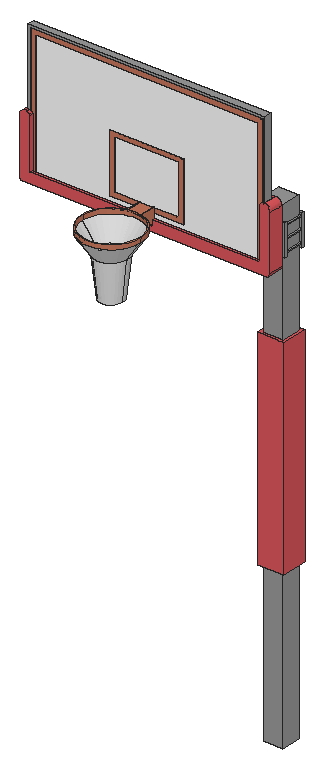
Revit family "Basketball_Backstop-Outdoor-Ultimate_Fixed_Height-IPIbyBison-BA873-74", category Specialty Equipment, Revit 2026
Family settings
  Round Connector Dimension = Use Diameter
  Part Type = Normal
  Classification Number = 23.40.50.34.14
  Work Plane-Based = No
  Enable Cutting in Views = No
  Always vertical = Yes
  Cut with Voids When Loaded = No
  Maintain Annotation Orientation = No
  Shared = No
  Room Calculation Point = No
Parameters (values of type "BK873-BK")
  padding color [instance] = Plastic - IPI by Bison - Scarlet SC
  URL = "https://ipibybison.com/"
  Specification = "https://www.arcat.com/company/ipi-by-bison-38554/spec"
  Product Page URL = "https://www.arcat.com/arcatcos/cos38/arc38554.html"
  Post Height = 8' - 4"
  Post Square Width = 0' - 6"
  Post Material = Steel - Galvanized - Hot Dipped
  Padding Color [instance] = Plastic - IPI by Bison - Scarlet SC
  Padding = Padding - Black
  Model = "BK873-BK"
  Manufacturer = "IPI by Bison"
  Keynote = "11 66 00"
  Hoop Finish = Powder Coat - Playground Orange
  Hoop Elevation = 10' - 0"
  Embedding Depth = 4' - 0"
  Description = "Outdoor Basketball Frame and Backboard Systems"
  Default Elevation = 0' - 0"
  Copyright = "© 2023 ARCAT"  # constant formula
  Category = ""
  CAD Details = "https://www.arcat.com/company/ipi-by-bison-38554/cad"
  Basket Type = "BA32"
  Basket Netting = Finish - IPI by Bison - White Netting
  Backboard Length = 6' - 0"
  Backboard Height = 3' - 6"
  Backboard Finish = Powder Coat - White
  Backboard BA472PC = no
  Backboard BA42RG = yes
Types (3): name | Model | Basket Type | Backboard Finish | Backboard BA472PC | Backboard BA42RG
  BA874-BK | "BA874-BK" | "BA39U" | Steel - Galvanized - Perforated | yes | no
  BA873U-BK | "BA873U-BK" | "BA32" | Powder Coat - White | no | yes
  BK873-BK | "BK873-BK" | "BA32" | Powder Coat - White | no | yes
Reference planes (in)
  plane 1 "Center (Front/Back)": y = 0
  plane 2 "Bottom": z = 0
  plane 3 "Center (Left/Right)": x = 0
  plane 4: x = -3
  plane 5: x = 3
  plane 6 "Back": y = 3
  plane 7 "Front": y = -3
  plane 8: y = -51
  plane 9: y = -48.75
  plane 10 "Left": x = -36
  plane 11 "Right": x = 36
  plane 12: z = 114.5
  plane 13: z = 120
  plane 14 "Top": z = 156.5
  plane 15: y = -51.0625
  plane 16: z = 116.75
  plane 17: y = -31.25
  plane 18: y = -33.25
  plane 19: z = -48
  plane 20: z = 100
  plane 21: z = 94.54174
  plane 22: z = 90.80259
  plane 23: z = 87.06343
  plane 24: x = -3.5
  plane 25: x = 3.5
  plane 26: x = -35.25
  plane 27: x = 35.25
  plane 28: z = 155.75
  plane 29: z = 115.25
  plane 30 "Board Center": y = -49.875
Forms (in)
  Extrusion 1, solid, material "Steel - Galvanized - Hot Dipped" <- "Post Material"
    sketch origin (0, 0, 0) x (1, 0, 0) y (0, 0, 1)
      loop
        line (-36, 114.5) -> (36, 114.5) -> (36, 156.5) -> (-36, 156.5) -> (-36, 114.5)
      loop
        line (-35.25, 155.75) -> (-35.25, 115.25) -> (35.25, 115.25) -> (35.25, 155.75) -> (-35.25, 155.75)
    from 48.75 to 51
  Extrusion 2, solid, material "Powder Coat - Playground Orange" <- "Hoop Finish", visible <- "Backboard BA42RG"
    sketch origin (0, 0, 0) x (1, 0, 0) y (0, 0, 1)
      loop
        line (-11.25, 118.5) -> (-2.25, 118.5) -> (-2.25, 120) -> (-9.75, 120) -> (-9.75, 135) -> (9.75, 135) -> (9.75, 120) -> (2.25, 120) -> (2.25, 118.5) -> (11.25, 118.5) -> (11.25, 136.5) -> (-11.25, 136.5) -> (-11.25, 118.5)
      loop
        line (-35.25, 115.25) -> (-2.25, 115.25) -> (-2.25, 116.75) -> (-33.75, 116.75) -> (-33.75, 154.25) -> (33.75, 154.25) -> (33.75, 116.75) -> (2.25, 116.75) -> (2.25, 115.25) -> (35.25, 115.25) -> (35.25, 155.75) -> (-35.25, 155.75) -> (-35.25, 115.25)
    from 51 to 51.0625
  Extrusion 3, solid, material "Steel - Galvanized - Hot Dipped" <- "Post Material"
    sketch origin (0, 0, 0) x (0, 1, 0) y (0, 0, 1)
      loop
        line (-48.75, 114.5) -> (-25.24781, 114.5) -> (-28.37601, 118.5) -> (-48.75, 118.5) -> (-48.75, 114.5)
    from -2.25 to 2.25
  Extrusion 4, solid, material "Steel - Galvanized - Hot Dipped" <- "Post Material"
    sketch origin (0, 0, 0) x (1, 0, 0) y (0, 1, 0)
      loop
        line (-3, 3) -> (-3, -3) -> (3, -3) -> (3, 3) -> (-3, 3)
    from -48 to 100
  Extrusion 5, solid, material "Steel - Galvanized - Hot Dipped" <- "Post Material"
    sketch origin (0, 0, 0) x (0, 1, 0) y (0, 0, 1)
      loop
        line (-3, 95) -> (-48.75, 153.5) -> (-48.75, 144.55198) -> (-3, 86.05198) -> (-3, 95)
    from -3 to 3
  Extrusion 6, solid, material "Steel - Galvanized - Hot Dipped" <- "Post Material"
    sketch origin (0, 0, 0) x (0, 1, 0) y (0, 0, 1)
      loop
        line (-3, 95.55319) -> (-3.5, 95.55319) -> (-3.5, 86.05198) -> (-3, 86.05198) -> (-3, 95.55319)
      loop
        line (3, 95.55319) -> (3, 86.05198) -> (3.5, 86.05198) -> (3.5, 95.55319) -> (3, 95.55319)
    from -4 to 4
  Extrusion 7, solid, material "Steel - Galvanized - Hot Dipped" <- "Post Material"
    sketch origin (0, 0, 0) x (1, 0, 0) y (0, 0, 1)
      loop
        circle (-3.5, 94.54174) r 0.25
      loop
        circle (-3.5, 87.06343) r 0.25
      loop
        circle (-3.5, 90.80259) r 0.25
      loop
        circle (3.5, 94.54174) r 0.25
      loop
        circle (3.5, 87.06343) r 0.25
      loop
        circle (3.5, 90.80259) r 0.25
    from -3 to 3
  Extrusion 8, solid, material "Powder Coat - White" <- "Backboard Finish", visible <- "Backboard BA42RG"
    sketch origin (0, 0, 0) x (1, 0, 0) y (0, 0, 1)
      loop
        line (-35.25, 155.75) -> (-35.25, 115.25) -> (35.25, 115.25) -> (35.25, 155.75) -> (-35.25, 155.75)
    from 48.75 to 51
  Extrusion 9, solid, material "Powder Coat - White" <- "Backboard Finish", visible <- "Backboard BA472PC"
    sketch origin (0, 0, 0) x (1, 0, 0) y (0, 0, 1)
      loop
        line (-35.25, 155.75) -> (-35.25, 115.25) -> (-11.25, 115.25) -> (-11.25, 136.5) -> (11.25, 136.5) -> (11.25, 115.25) -> (35.25, 115.25) -> (35.25, 155.75) -> (-35.25, 155.75)
    from 48.75 to 51
  Extrusion 10, solid, material "Steel - Galvanized - Hot Dipped" <- "Post Material", visible <- "Backboard BA472PC"
    sketch origin (0, 0, 0) x (1, 0, 0) y (0, 0, 1)
      loop
        line (-11.25, 136.5) -> (-11.25, 115.25) -> (11.25, 115.25) -> (11.25, 136.5) -> (-11.25, 136.5)
    from 48.75 to 51
  Extrusion 11, solid, material "Plastic - IPI by Bison - Scarlet SC" <- "Padding Color"
    sketch origin (0, 0, 0) x (1, 0, 0) y (0, 1, 0)
      loop
        line (-3, 3) -> (-3, -3) -> (3, -3) -> (3, 3) -> (-3, 3)
      loop
        line (4, 4) -> (-4, 4) -> (-4, -4) -> (4, -4) -> (4, 4)
    from 0 to 63.25
  Extrusion 12, solid, material "Plastic - IPI by Bison - Scarlet SC" <- "padding color"
    sketch origin (0, -49.875, 0) x (-1, 0, 0) y (0, 0, 1)
      loop
        arc (35.72165, 133.52297) -> (35.01454, 133.23008) -> (34.72165, 132.52297) r 1
        line (34.72165, 132.52297) -> (34.72165, 117.16432) -> (-35.25, 117.16432) -> (-35.25, 132.52297)
        arc (-35.25, 132.52297) -> (-35.54289, 133.23008) -> (-36.25, 133.52297) r 1
        line (-36.25, 133.52297) -> (-36.52835, 133.52297)
        arc (-36.52835, 133.52297) -> (-37.76579, 133.01041) -> (-38.27835, 131.77297) r 1.75
        line (-38.27835, 131.77297) -> (-38.27835, 115.02297)
        arc (-38.27835, 115.02297) -> (-37.98546, 114.31587) -> (-37.27835, 114.02297) r 1
        line (-37.27835, 114.02297) -> (36.72165, 114.02297)
        arc (36.72165, 114.02297) -> (37.42876, 114.31587) -> (37.72165, 115.02297) r 1
        line (37.72165, 115.02297) -> (37.72165, 131.77297)
        arc (37.72165, 131.77297) -> (37.20909, 133.01041) -> (35.97165, 133.52297) r 1.75
        line (35.97165, 133.52297) -> (35.72165, 133.52297)
    from -2.18697 to 2.14819
Dimensions and locks (in)
  equal spacing: plane 4, plane 3 "Center (Left/Right)", plane 5
  "Post Square Width": plane 4 to plane 5
  equal spacing: plane 6 "Back", plane 1 "Center (Front/Back)", plane 7 "Front"
  "Post Square Width": plane 6 "Back" to plane 7 "Front"
  locked: plane 8 to plane 7 "Front" at 48
  locked: plane 9 to plane 8 at 2.25
  equal spacing: plane 10 "Left", plane 3 "Center (Left/Right)", plane 11 "Right"
  "Backboard Length": plane 10 "Left" to plane 11 "Right"
  "Hoop Elevation": plane 13 to level
  locked: plane 13 to plane 12 at 5.5
  "Backboard Height": plane 14 "Top" to plane 12
  locked: plane 8 to plane 15 at 0.0625
  locked: plane 16 to plane 12 at 2.25
  locked: plane 17 to plane 18 at 2
  "Embedding Depth": level to plane 19
  "Post Height": plane 20 to level
  plane 20 to Extrusion 5 sketch curve to Extrusion 5 sketch curve = 0' - 5" locked, 0' - 8.94802" locked
  plane 14 "Top" to Extrusion 5 sketch curve to Extrusion 5 sketch curve = 0' - 3" locked, 0' - 8.94802" locked
  locked: plane 7 "Front" to Extrusion 6 sketch curve at 0.5
  plane 20 to Extrusion 6 sketch curve = 0' - 4.44681"
  locked: Extrusion 6 sketch curve to Extrusion 6 sketch curve at 9.50121  (x2)
  locked: Extrusion 6 sketch curve to plane 6 "Back" at 0.5
  equal spacing: Extrusion 6, plane 3 "Center (Left/Right)", Extrusion 6
  locked: Extrusion 6 to Extrusion 6 at 8
  locked: plane 4 to plane 24 at 0.5
  locked: plane 5 to plane 25 at 0.5
  locked: plane 20 to plane 21 at 5.45826
  equal spacing: plane 21, plane 22, plane 23
  locked: plane 21 to plane 23 at 7.47831
  locked: Extrusion 3 sketch curve to plane 17 at 6.00219
  locked: Extrusion 3 sketch curve to plane 17 at 2.87399
  locked: plane 26 to plane 10 "Left" at 0.75
  locked: plane 27 to plane 11 "Right" at 0.75
  locked: plane 14 "Top" to plane 28 at 0.75
  locked: plane 29 to plane 12 at 0.75
  locked: Extrusion 2 sketch curve to plane 26 at 1.5
  locked: plane 28 to Extrusion 2 sketch curve at 1.5
  locked: Extrusion 2 sketch curve to plane 27 at 1.5
  locked: Extrusion 2 sketch curve to plane 29 at 1.5  (x2)
  equal spacing: Extrusion 9 sketch curve, plane 3 "Center (Left/Right)", Extrusion 9 sketch curve
  locked: Extrusion 9 sketch curve to Extrusion 9 sketch curve at 22.5
  locked: Extrusion 9 sketch curve to plane 29 at 21.25
  equal spacing: Extrusion 10 sketch curve, plane 3 "Center (Left/Right)", Extrusion 10 sketch curve
  locked: Extrusion 10 sketch curve to Extrusion 10 sketch curve at 22.5
  locked: Extrusion 10 sketch curve to plane 29 at 21.25
  locked: Extrusion 11 sketch curve to Extrusion 4 at 1  (x3)
  locked: Extrusion 4 to Extrusion 11 sketch curve at 1
  locked: plane 9 to plane 30 "Board Center" at 1.125
  aligned and locked: plane 2 "Bottom" to level
  aligned and locked: Extrusion 1 to plane 8
  aligned and locked: plane 9 to Extrusion 1
  aligned and locked: plane 8 to Extrusion 2
  aligned and locked: Extrusion 2 to plane 15
  aligned and locked: plane 3 "Center (Left/Right)" to nested 1
  aligned and locked: plane 13 to nested 1
  aligned and locked: nested 1 to plane 8
  aligned and locked: plane 4 to Extrusion 4 sketch curve
  aligned and locked: plane 5 to Extrusion 4 sketch curve
  aligned and locked: Extrusion 4 sketch curve to plane 7 "Front"
  aligned and locked: Extrusion 4 sketch curve to plane 6 "Back"
  aligned and locked: plane 20 to Extrusion 4
  aligned and locked: Extrusion 4 to plane 19
  aligned and locked: Extrusion 5 to plane 4
  aligned and locked: Extrusion 5 to plane 5
  aligned and locked: Extrusion 5 sketch curve to plane 9
  aligned and locked: Extrusion 5 sketch curve to plane 7 "Front"
  aligned and locked: plane 9 to Extrusion 3 sketch curve
  aligned and locked: plane 12 to Extrusion 3 sketch curve
  aligned and locked: Extrusion 6 sketch curve to plane 7 "Front"
  aligned and locked: plane 6 "Back" to Extrusion 6 sketch curve
  aligned and locked: plane 24 to Extrusion 7 sketch curve  (x3)
  aligned and locked: plane 25 to Extrusion 7 sketch curve  (x3)
  aligned and locked: plane 21 to Extrusion 7 sketch curve  (x2)
  aligned and locked: plane 22 to Extrusion 7 sketch curve  (x2)
  aligned and locked: plane 23 to Extrusion 7 sketch curve  (x2)
  aligned and locked: plane 6 "Back" to Extrusion 7
  aligned and locked: plane 7 "Front" to Extrusion 7
  aligned and locked: Extrusion 1 sketch curve to plane 10 "Left"
  aligned and locked: plane 11 "Right" to Extrusion 1 sketch curve
  aligned and locked: Extrusion 1 sketch curve to plane 14 "Top"
  aligned and locked: Extrusion 1 sketch curve to plane 12
  aligned and locked: plane 26 to Extrusion 1 sketch curve
  aligned and locked: plane 27 to Extrusion 1 sketch curve
  aligned and locked: Extrusion 1 sketch curve to plane 28
  aligned and locked: plane 29 to Extrusion 1 sketch curve
  aligned and locked: plane 26 to Extrusion 8 sketch curve
  aligned and locked: plane 27 to Extrusion 8 sketch curve
  aligned and locked: Extrusion 8 sketch curve to plane 28
  aligned and locked: plane 29 to Extrusion 8 sketch curve
  aligned and locked: plane 9 to Extrusion 8
  aligned and locked: Extrusion 8 to plane 8
  aligned and locked: plane 26 to Extrusion 2 sketch curve
  aligned and locked: Extrusion 2 sketch curve to plane 28
  aligned and locked: Extrusion 2 sketch curve to plane 29
  aligned and locked: Extrusion 2 sketch curve to plane 27
  aligned and locked: plane 26 to Extrusion 9 sketch curve
  aligned and locked: Extrusion 9 sketch curve to plane 28
  aligned and locked: plane 27 to Extrusion 9 sketch curve
  aligned and locked: plane 29 to Extrusion 9 sketch curve
  aligned and locked: plane 29 to Extrusion 10 sketch curve
  aligned and locked: plane 9 to Extrusion 10
  aligned and locked: Extrusion 10 to plane 8
  aligned and locked: Extrusion 9 to plane 8
  aligned and locked: plane 9 to Extrusion 9
  aligned and locked: Extrusion 11 sketch curve to plane 4
  aligned and locked: plane 5 to Extrusion 11 sketch curve
  aligned and locked: Extrusion 11 sketch curve to plane 6 "Back"
  aligned and locked: plane 7 "Front" to Extrusion 11 sketch curve
Automatic sketch dimensions
  Extrusion 3 sketch curve to plane 13 = 0' - 1 1/2"
  Extrusion 6 sketch curve to Extrusion 6 sketch curve = 0' - 0"
  Extrusion 2 sketch curve to plane 13 = 0' - 0"  (x2)
  Extrusion 2 sketch curve to plane 29 = 0' - 0"
  Extrusion 2 sketch curve to plane 13 = 0' - 1 1/2"
  Extrusion 2 sketch curve to plane 24 = 0' - 7 3/4"
  Extrusion 2 sketch curve to Extrusion 2 sketch curve = 0' - 1 1/2"  (x4)
  plane 4 to Extrusion 2 sketch curve = 0' - 0 3/4"  (x2)
  plane 5 to Extrusion 2 sketch curve = 0' - 0 3/4"  (x2)
  plane 25 to Extrusion 2 sketch curve = 0' - 6 1/4"
  plane 13 to Extrusion 2 sketch curve = 1' - 3"
  Extrusion 9 sketch curve to plane 29 = 0' - 0"
  plane 27 to Extrusion 12 sketch curve = 0' - 0"
  Extrusion 12 sketch curve to plane 11 "Right" = 0' - 0 1/4"
  Extrusion 12 sketch curve to Extrusion 12 sketch curve = 0' - 0.27835"
  Extrusion 12 sketch curve to plane 29 = 0' - 0.22703"  (x2)
  Extrusion 12 sketch curve to plane 11 "Right" = 0' - 1.27835"
  Extrusion 12 sketch curve to Extrusion 12 sketch curve = 0' - 1 3/4"
  plane 26 to Extrusion 12 sketch curve = 0' - 0.52835"
  plane 10 "Left" to Extrusion 12 sketch curve = 0' - 0.27835"
  plane 10 "Left" to Extrusion 12 sketch curve = 0' - 0.02835"
  Extrusion 12 sketch curve to plane 10 "Left" = 0' - 0.72165"
  plane 16 to Extrusion 12 sketch curve = 0' - 0.41432"
  plane 13 to Extrusion 12 sketch curve = 0' - 11.77297"  (x2)
  radius of Extrusion 7 sketch curve = 0' - 0 1/4"  (x6)
Nested families (in)
  nested 1: "Playground-System_Heavy-Duty-4_1-2in_PR52_Basket" at (0, -51, 120), Frame <- "Hoop Finish", Netting <- "Basket Netting", type "Playground-System_Heavy-Duty-4_1-2in_PR52_Basket"
    with Netting Finish - IPI by Bison - White Netting, Frame Powder Coat - Playground Orange
Definition of nested family "Playground-System_Heavy-Duty-4_1-2in_PR52_Basket"
  Parameters (values of type "Playground-System_Heavy-Duty-4_1-2in_PR52_Basket")
    Netting [instance] = none
    Frame [instance] = none
    Default Elevation = 0' - 0"
  Reference planes (in)
    plane 1 "Center (Front/Back)": y = 0
    plane 2: z = 0
    plane 3 "Center (Left/Right)": x = 0
    plane 4 "Net": y = -13.5
    plane 5: x = -2.25
    plane 6: x = 2.25
  Forms (in)
    Extrusion 1, solid, material <- "Frame"
      sketch origin (0, 0, 0) x (1, 0, 0) y (0, 1, 0)
        loop
          circle (0, -13.5) r 9
        loop
          circle (0, -13.5) r 8.75
      from -1.38229 to 0
    Extrusion 2, solid, material <- "Frame"
      sketch origin (0, 0, 0) x (0, 1, 0) y (0, 0, 1)
        loop
          line (0, 0) -> (-4.75, 0) -> (-4.75, -1.1813) -> (0, -5.25) -> (0, 0)
      from -2.25 to -2.06458
    Extrusion 3, solid, material <- "Frame"
      sketch origin (0, 0, 0) x (0, 1, 0) y (0, 0, -1)
        loop
          line (0, 0) -> (0, 5.25) -> (-4.75, 1.1813) -> (-4.75, 0) -> (0, 0)
      from -2.25 to -2.06458
    Extrusion 4, solid, material <- "Frame"
      sketch origin (0, 0, 0) x (0, 1, 0) y (0, 0, 1)
        loop
          line (-4.75, 0) -> (-4.75, -0.25) -> (-0.25, -0.25) -> (-0.25, -5.03586) -> (0, -5.25) -> (0, 0) -> (-4.75, 0)
      from -2.06458 to 2.06458
    Revolve 5, solid, material <- "Netting"
      sketch origin (0, -13.5, 0) x (-1, 0, 0) y (0, 0, 1)
        loop
          line (9, -1.38229) -> (8.8474, -1.38229) -> (4.72063, -7.27592) -> (3.4482, -19.38229) -> (3.57389, -19.38229) -> (4.84157, -7.32114) -> (9, -1.38229)
        axis (0, -1.38229) -> (0, -19.38229)
      angle from 0 to 360
  Dimensions and locks (in)
    locked: level to Extrusion 1 at 1.38229
    locked: plane 4 "Net" to plane 1 "Center (Front/Back)" at 13.5
    equal spacing: plane 6, plane 3 "Center (Left/Right)", plane 5
    locked: plane 6 to plane 5 at 4.5
    aligned and locked: plane 2 to level
    aligned and locked: level to Extrusion 1
  Automatic sketch dimensions
    Extrusion 1 sketch curve to Extrusion 1 sketch curve = 0' - 0"  (x2)
    Extrusion 1 sketch curve to plane 3 "Center (Left/Right)" = 0' - 0"
    Extrusion 1 sketch curve to plane 4 "Net" = 0' - 0"
    Revolve 5 sketch curve to plane 3 "Center (Left/Right)" = 0' - 0"
    Revolve 5 sketch curve to plane 5 = 0' - 1.1982"
    Revolve 5 sketch curve to Revolve 5 sketch curve = 0' - 0.12569"
    Revolve 5 sketch curve to plane 5 = 0' - 2.47063"
    Revolve 5 sketch curve to Revolve 5 sketch curve = 0' - 0.12094"
    Revolve 5 sketch curve to level = 0' - 1.38229"  (x2)
    Revolve 5 sketch curve to plane 5 = 0' - 6.5974"
    Revolve 5 sketch curve to Revolve 5 sketch curve = 0' - 0.1526"
    Revolve 5 sketch curve to Revolve 5 sketch curve = 0' - 0.04522"
    Revolve 5 sketch curve to Revolve 5 sketch curve = 1' - 0.06115"
    Revolve 5 sketch curve to Revolve 5 sketch curve = 0' - 1"
    Revolve 5 sketch curve to Revolve 5 sketch curve = 0' - 5.89364"
    Extrusion 2 sketch curve to level = 0' - 0"
    Extrusion 2 sketch curve to plane 1 "Center (Front/Back)" = 0' - 0"
    Extrusion 2 sketch curve to level = 0' - 1.1813"
    plane 1 "Center (Front/Back)" to Extrusion 2 sketch curve = 0' - 4 3/4"
    Extrusion 2 sketch curve to level = 0' - 5 1/4"
    Extrusion 3 sketch curve to level = 0' - 0"
    Extrusion 3 sketch curve to plane 1 "Center (Front/Back)" = 0' - 0"
    Extrusion 3 sketch curve to level = 0' - 1.1813"
    plane 1 "Center (Front/Back)" to Extrusion 3 sketch curve = 0' - 4 3/4"
    Extrusion 3 sketch curve to level = 0' - 5 1/4"
    Extrusion 4 sketch curve to level = 0' - 0"
    Extrusion 4 sketch curve to plane 1 "Center (Front/Back)" = 0' - 0"
    plane 1 "Center (Front/Back)" to Extrusion 4 sketch curve = 0' - 0 1/4"
    Extrusion 4 sketch curve to level = 0' - 0 1/4"
    Extrusion 4 sketch curve to Extrusion 4 sketch curve = 0' - 4 1/2"
    Extrusion 4 sketch curve to Extrusion 4 sketch curve = 0' - 4.78586"
    Extrusion 4 sketch curve to Extrusion 4 sketch curve = 0' - 0.21414"
    radius of Extrusion 1 sketch curve = 0' - 9"
    radius of Extrusion 1 sketch curve = 0' - 8 3/4"
